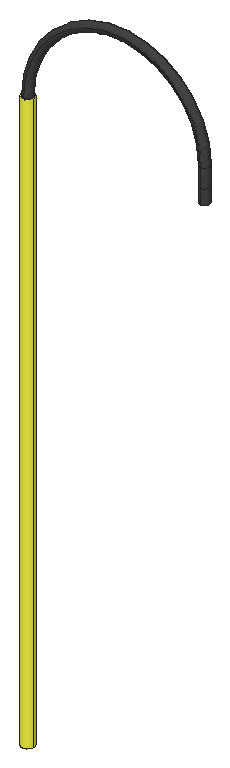
Revit family "HMV_Equipment_Shepherds hook", category Specialty Equipment, Revit 2020
Family settings
  Round Connector Dimension = Use Diameter
  Part Type = Normal
  Work Plane-Based = No
  Always vertical = Yes
  Cut with Voids When Loaded = No
  Shared = No
  Room Calculation Point = No
Parameters
  Default Elevation = 0 mm
Reference planes
  plane 1 "Center (Front/Back)": y = 0
  plane 2: z = 0
  plane 3 "Center (Left/Right)": x = 0
  plane 4: z = 1828.8
Forms (mm)
  Extrusion 1, solid, material "Phenolic Resin"
    sketch origin (0, 0, 0) x (1, 0, 0) y (0, 1, 0)
      loop
        circle (0, 0) r 16
    from 0 to 1576.827
  Sweep 2, solid, material "Rubber, Black"
    path origin (0, 0, -251.973) x (1, 0, 0) y (0, 0, 1)
      loop
        arc (0, 1828.8) -> (240, 2068.8) -> (480, 1828.8) r 240
        line (480, 1828.8) -> (480, 1778.8) -> (480, 1738.8)
    profile origin (240, 0, 1816.827) x (0, 0, 1) y (0, -1, 0)
      loop
        circle (0, 0) r 12
Dimensions and locks
  plane 4 to plane 2 = 1828.8 mm
  aligned and locked: level to plane 2
